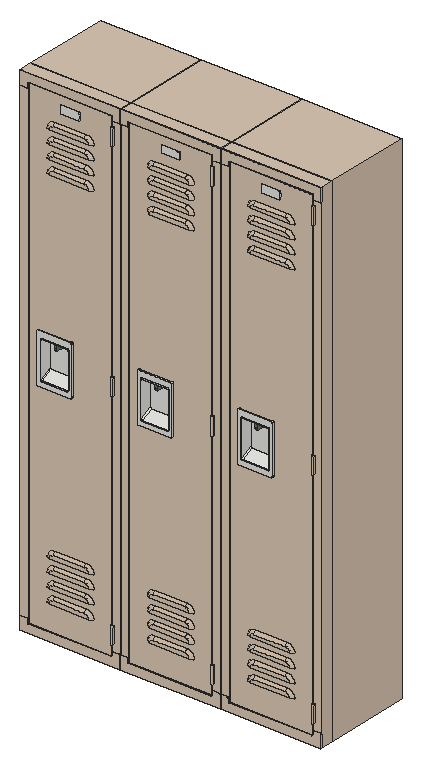
Revit family "Locker_SalsburyInd_Metal-1-Tier-Triple", category Specialty Equipment, Revit 2022
Family settings
  Round Connector Dimension = Use Diameter
  Part Type = Normal
  OmniClass Number = 23.40.00.00
  OmniClass Title = Equipment and Furnishings
  Work Plane-Based = No
  Always vertical = Yes
  Cut with Voids When Loaded = No
  Maintain Annotation Orientation = No
  Shared = No
  Room Calculation Point = No
Parameters
  Warranty Duration (Years) = 0
  Vertical Front Filler Width_Right [instance] = 15.000"
  Vertical Front Filler Width_Left [instance] = 15.000"
  Vertical Filler_Right [instance] = ML_Front Filler : None
  Vertical Filler_Left [instance] = ML_Front Filler : None
  Unit Width = 12.000"
  Unit Height = 60.000"
  Unit Depth = 12.000"
  URL = "www.lockers.com"
  Type Comments = "Specify Assembled or Disassembled"
  Specification = ""
  SpecWizard = ""
  Sales Information = "http://www.lockers.com/service/contact/"
  Revision = "R1_2017-09"
  Product Properties = "http://www.lockers.com/shop-by-department/metal-lockers/standard-12-w/"
  Product Data = "http://www.arcat.com/arcatcos/cos35/arc35330.html"
  Overall Height [instance] = Unit Height + Base Height + Sloping Hood Height  # 60.000"
  Manufacturer Website = "http://www.lockers.com/"
  Manufacturer Phone - Toll Free = "800-562-5377"
  Manufacturer Phone = "323-846-6700"
  Manufacturer Fax = "323-846-6800"
  Manufacturer Address = "1010 E. 62nd St.  Los Angeles, CA 90001-1598"
  Maintenance Schedule (Months) = 0
  Lock Type [instance] = "[Built-in Combination][Padlock][Built-in Resettable Combination]"
  Keynote = "10 50 00"
  Installation Phase = ""
  Hasp Plate Material [instance] = Finish - Salsbury - Polished Steel
  Hasp Handle Material [instance] = Finish - Salsbury - Black
  Green Building-LEED = ""
  Expected Lifespan (Years) = 0
  End Panel_Right [instance] = ML_End Panel : None
  End Panel_Left [instance] = ML_End Panel : None
  Drawn By = "Sumex Design, Inc. / Robert S. Weygant, CSI, CDT, SCIP"
  Door Width = Unit Width - (1.063" * 2)  # 9.874"
  Door Height = Unit Height - (1.094" * 2)  # 57.812"
  Top Filler_Right [instance] = ML_Top Filler : None
  Top Filler_Left [instance] = ML_Top Filler : None
  Sloping Hood Height [instance] = if(not(Sloped Hood), 0.000", if(Unit Depth = 12.000", 6.625", if(Unit Depth = 15.000", 8.682", if(Unit Depth = 18.000", 10.739", 0.000"))))  # 0.000"
  Sloped Hood [instance] = no
  Model = "as Specified"
  Manufacturer = "Salsbury Industries"
  Fixture Finish [instance] = Finish - Salsbury - Tan
  Door A3 Label [instance] = "Number / Name as Specified"
  Door A2 Label [instance] = "Number / Name as Specified"
  Door A Label [instance] = "Number / Name as Specified"
  Description = "Salsbury Locker as Specified"
  Default Elevation = 0.000"
  Copyright = "©Arcat Inc."
  Construction Details = "http://www.arcat.com/details/salsbury/salsbury.html?coid=35330"
  Base_Right [instance] = ML_Base Side : None
  Base_Left [instance] = ML_Base Side : None
  Base Type = ML_Base Type : No Legs
  Base Height = 0.000"
  Base Front [instance] = ML_Front Base : None
  Assembly Code = "C1030310"
Reference planes (in)
  plane 1 "Center (Front/Back)": y = 0.005
  plane 2: z = 0
  plane 3 "Center (Left/Right)": x = 0
  plane 4 "Floor": z = 0
  plane 5 "Bottom of Unit": z = 0
  plane 6 "Top of Unit": z = 60
  plane 7 "Left Side of Unit": x = -6
  plane 8 "Right Side of Unit": x = 6
  plane 9 "Back of Unit": y = 6.005
  plane 10 "Front of Unit": y = -5.995
  plane 11 "Top of Sloping Hood": z = 60
  plane 12 "Right Side of Door Opening": x = 5
  plane 13 "Left Side of Door Opening": x = -5
  plane 14 "Top of Door Opening": z = 59
  plane 15 "Bottom of Door Opening": z = 1
  plane 16 "Back Edge of Front Facing": y = -4.407
  plane 17 "Front Plate Plane": y = -6.055
  plane 18 "Top of Door 1": z = 58.90976
  plane 19 "Bottom of Bottom Door": z = 1.09027
  plane 20: x = -5.075
  plane 21: x = 5.075
  plane 22: z = 58.40796
  plane 23: z = 1.59204
  plane 24: x = -18
  plane 25: x = 18
  plane 26: x = -12
  plane 27: x = 12
  plane 28: x = -18.0625
  plane 29: x = 18.0625
Forms (in)
  Sweep 1, solid, material "Finish - Salsbury - Tan" <- "Fixture Finish"
    path origin (0, -5.995, 0) x (1, 0, 0) y (0, 0, 1)
      loop
        line (-6, 60) -> (-6, 0) -> (6, 0) -> (6, 60) -> (-6, 60)
    profile origin (0, -5.995, 60) x (0, 0, 1) y (0, -1, 0)
      loop
        line (0, 0) -> (-1, 0) -> (-1, -1.588) -> (0, -1.588) -> (0, 0)
  Extrusion 2, solid, material "Finish - Salsbury - Tan" <- "Fixture Finish"
    sketch origin (0, -6.055, 0) x (0, 0, -1) y (1, 0, 0)
      loop
        line (-60, -6) -> (-58.47656, -6)
        arc (-58.47656, -6) -> (-58.42806, -5.97991) -> (-58.40796, -5.9314) r 0.0686
        line (-58.40796, -5.9314) -> (-58.40796, -5.14351)
        arc (-58.40796, -5.14351) -> (-58.42809, -5.09506) -> (-58.47656, -5.075) r 0.0686
        line (-58.47656, -5.075) -> (-59, -5.075) -> (-59, 5.075) -> (-58.47656, 5.075)
        arc (-58.47656, 5.075) -> (-58.42809, 5.09506) -> (-58.40796, 5.14351) r 0.0686
        line (-58.40796, 5.14351) -> (-58.40796, 5.9314)
        arc (-58.40796, 5.9314) -> (-58.42806, 5.97991) -> (-58.47656, 6) r 0.0686
        line (-58.47656, 6) -> (-60, 6) -> (-60, -6)
    from -0.06 to 0
  Extrusion 3, solid, material "Finish - Salsbury - Tan" <- "Fixture Finish"
    sketch origin (0, -6.055, 84) x (0, 0, 1) y (-1, 0, 0)
      loop
        line (-84, 6) -> (-84, -6) -> (-82.47656, -6)
        arc (-82.47656, -6) -> (-82.42806, -5.97991) -> (-82.40796, -5.9314) r 0.0686
        line (-82.40796, -5.9314) -> (-82.40796, -5.14351)
        arc (-82.40796, -5.14351) -> (-82.42809, -5.09506) -> (-82.47656, -5.075) r 0.0686
        line (-82.47656, -5.075) -> (-83, -5.075) -> (-83, 5.075) -> (-82.47656, 5.075)
        arc (-82.47656, 5.075) -> (-82.42809, 5.09506) -> (-82.40796, 5.14351) r 0.0686
        line (-82.40796, 5.14351) -> (-82.40796, 5.9314)
        arc (-82.40796, 5.9314) -> (-82.42806, 5.97991) -> (-82.47656, 6) r 0.0686
        line (-82.47656, 6) -> (-84, 6)
    from -0.06 to 0
  Extrusion 4, solid, material "Finish - Salsbury - Tan" <- "Fixture Finish"
    sketch origin (6, 0, 0) x (0, 0, -1) y (0, -1, 0)
      loop
        line (-59.94, 4.407) -> (-59.94, 6.055) -> (-60, 6.055) -> (-60, -6.005) -> (0, -6.005) -> (0, 4.407) -> (-59.94, 4.407)
    from 0 to 12
  Extrusion 5, void
    sketch origin (6, 0, 0) x (0, 0, -1) y (0, -1, 0)
      loop
        line (-60, 6.055) -> (-60, 4.407) -> (-59.94, 4.407) -> (-59.94, 6.055) -> (-60, 6.055)
    from -12 to 24
  Sweep 6, solid, material "Finish - Salsbury - Tan" <- "Fixture Finish"
    path origin (-12, -5.995, 0) x (1, 0, 0) y (0, 0, 1)
      loop
        line (-6, 60) -> (-6, 0) -> (6, 0) -> (6, 60) -> (-6, 60)
    profile origin (-12, -5.995, 60) x (0, 0, 1) y (0, -1, 0)
      loop
        line (0, 0) -> (-1, 0) -> (-1, -1.588) -> (0, -1.588) -> (0, 0)
  Sweep 7, solid, material "Finish - Salsbury - Tan" <- "Fixture Finish"
    path origin (12, -5.995, 0) x (1, 0, 0) y (0, 0, 1)
      loop
        line (-6, 60) -> (-6, 0) -> (6, 0) -> (6, 60) -> (-6, 60)
    profile origin (12, -5.995, 60) x (0, 0, 1) y (0, -1, 0)
      loop
        line (0, 0) -> (-1, 0) -> (-1, -1.588) -> (0, -1.588) -> (0, 0)
  Extrusion 8, solid, material "Finish - Salsbury - Tan" <- "Fixture Finish"
    sketch origin (-12, -6.055, 0) x (0, 0, -1) y (1, 0, 0)
      loop
        line (-60, -6) -> (-58.47656, -6)
        arc (-58.47656, -6) -> (-58.42806, -5.97991) -> (-58.40796, -5.9314) r 0.0686
        line (-58.40796, -5.9314) -> (-58.40796, -5.14351)
        arc (-58.40796, -5.14351) -> (-58.42809, -5.09506) -> (-58.47656, -5.075) r 0.0686
        line (-58.47656, -5.075) -> (-59, -5.075) -> (-59, 5.075) -> (-58.47656, 5.075)
        arc (-58.47656, 5.075) -> (-58.42809, 5.09506) -> (-58.40796, 5.14351) r 0.0686
        line (-58.40796, 5.14351) -> (-58.40796, 5.9314)
        arc (-58.40796, 5.9314) -> (-58.42806, 5.97991) -> (-58.47656, 6) r 0.0686
        line (-58.47656, 6) -> (-60, 6) -> (-60, -6)
    from -0.06 to 0
  Extrusion 9, solid, material "Finish - Salsbury - Tan" <- "Fixture Finish"
    sketch origin (12, -6.055, 0) x (0, 0, -1) y (1, 0, 0)
      loop
        line (-60, -6) -> (-58.47656, -6)
        arc (-58.47656, -6) -> (-58.42806, -5.97991) -> (-58.40796, -5.9314) r 0.0686
        line (-58.40796, -5.9314) -> (-58.40796, -5.14351)
        arc (-58.40796, -5.14351) -> (-58.42809, -5.09506) -> (-58.47656, -5.075) r 0.0686
        line (-58.47656, -5.075) -> (-59, -5.075) -> (-59, 5.075) -> (-58.47656, 5.075)
        arc (-58.47656, 5.075) -> (-58.42809, 5.09506) -> (-58.40796, 5.14351) r 0.0686
        line (-58.40796, 5.14351) -> (-58.40796, 5.9314)
        arc (-58.40796, 5.9314) -> (-58.42806, 5.97991) -> (-58.47656, 6) r 0.0686
        line (-58.47656, 6) -> (-60, 6) -> (-60, -6)
    from -0.06 to 0
  Extrusion 10, solid, material "Finish - Salsbury - Tan" <- "Fixture Finish"
    sketch origin (6, 0, 0) x (0, 0, -1) y (0, -1, 0)
      loop
        line (-59.94, 4.407) -> (-59.94, 6.055) -> (-60, 6.055) -> (-60, -6.005) -> (0, -6.005) -> (0, 4.407) -> (-59.94, 4.407)
    from -12 to 0
  Extrusion 11, solid, material "Finish - Salsbury - Tan" <- "Fixture Finish"
    sketch origin (-6, 0, 0) x (0, 0, -1) y (0, 1, 0)
      loop
        line (-59.94, -4.407) -> (0, -4.407) -> (0, 6.005) -> (-60, 6.005) -> (-60, -6.055) -> (-59.94, -6.055) -> (-59.94, -4.407)
    from -12 to 0
  Extrusion 12, solid, material "Finish - Salsbury - Tan" <- "Fixture Finish"
    sketch origin (12, -6.055, 84) x (0, 0, 1) y (-1, 0, 0)
      loop
        line (-84, 6) -> (-84, -6) -> (-82.47656, -6)
        arc (-82.47656, -6) -> (-82.42806, -5.97991) -> (-82.40796, -5.9314) r 0.0686
        line (-82.40796, -5.9314) -> (-82.40796, -5.14351)
        arc (-82.40796, -5.14351) -> (-82.42809, -5.09506) -> (-82.47656, -5.075) r 0.0686
        line (-82.47656, -5.075) -> (-83, -5.075) -> (-83, 5.075) -> (-82.47656, 5.075)
        arc (-82.47656, 5.075) -> (-82.42809, 5.09506) -> (-82.40796, 5.14351) r 0.0686
        line (-82.40796, 5.14351) -> (-82.40796, 5.9314)
        arc (-82.40796, 5.9314) -> (-82.42806, 5.97991) -> (-82.47656, 6) r 0.0686
        line (-82.47656, 6) -> (-84, 6)
    from -0.06 to 0
  Extrusion 13, solid, material "Finish - Salsbury - Tan" <- "Fixture Finish"
    sketch origin (-12, -6.055, 84) x (0, 0, 1) y (-1, 0, 0)
      loop
        line (-84, -6) -> (-82.47656, -6)
        arc (-82.47656, -6) -> (-82.42806, -5.97991) -> (-82.40796, -5.9314) r 0.0686
        line (-82.40796, -5.9314) -> (-82.40796, -5.14351)
        arc (-82.40796, -5.14351) -> (-82.42809, -5.09506) -> (-82.47656, -5.075) r 0.0686
        line (-82.47656, -5.075) -> (-83, -5.075) -> (-83, 5.075) -> (-82.47656, 5.075)
        arc (-82.47656, 5.075) -> (-82.42809, 5.09506) -> (-82.40796, 5.14351) r 0.0686
        line (-82.40796, 5.14351) -> (-82.40796, 5.9314)
        arc (-82.40796, 5.9314) -> (-82.42806, 5.97991) -> (-82.47656, 6) r 0.0686
        line (-82.47656, 6) -> (-84, 6) -> (-84, -6)
    from -0.06 to 0
Cuts and joins
  Extrusion 5 cuts Extrusion 4
  Extrusion 5 cuts Extrusion 10
  Extrusion 5 cuts Extrusion 11
Dimensions and locks (in)
  equal spacing: plane 7 "Left Side of Unit", plane 3 "Center (Left/Right)", plane 8 "Right Side of Unit"
  "Unit Width": plane 7 "Left Side of Unit" to plane 8 "Right Side of Unit"
  "Base Height": plane 5 "Bottom of Unit" to plane 4 "Floor"
  "Unit Height": plane 6 "Top of Unit" to plane 5 "Bottom of Unit"
  equal spacing: plane 10 "Front of Unit", plane 1 "Center (Front/Back)", plane 9 "Back of Unit"
  "Unit Depth": plane 10 "Front of Unit" to plane 9 "Back of Unit"
  "Sloping Hood Height": plane 11 "Top of Sloping Hood" to plane 6 "Top of Unit"
  plane 6 "Top of Unit" to plane 14 "Top of Door Opening" to plane 18 "Top of Door 1" to plane 22 = 1.000" locked, 0.09024" locked, 0.5018" locked
  plane 23 to plane 19 "Bottom of Bottom Door" to plane 15 "Bottom of Door Opening" to plane 5 "Bottom of Unit" = 0.50177" locked, 0.09027" locked, 1.000" locked
  locked: plane 7 "Left Side of Unit" to plane 13 "Left Side of Door Opening" at 1
  locked: plane 12 "Right Side of Door Opening" to plane 8 "Right Side of Unit" at 1
  plane 17 "Front Plate Plane" to plane 10 "Front of Unit" to plane 16 "Back Edge of Front Facing" = 0.060" locked, 1.588" locked
  locked: plane 7 "Left Side of Unit" to plane 20 at 0.925
  locked: plane 21 to plane 8 "Right Side of Unit" at 0.925
  locked: Extrusion 4 sketch curve to plane 6 "Top of Unit" at 0.06
  locked: Extrusion 5 sketch curve to plane 6 "Top of Unit" at 0.06
  equal spacing: plane 24, plane 26, plane 7 "Left Side of Unit"
  equal spacing: plane 8 "Right Side of Unit", plane 27, plane 25
  "Unit Width": plane 24 to plane 7 "Left Side of Unit"
  "Unit Width": plane 8 "Right Side of Unit" to plane 25
  locked: plane 29 to plane 25 at 0.0625
  locked: plane 24 to plane 28 at 0.0625
  locked: plane 5 "Bottom of Unit" to Sweep 7 sketch curve at 0
  locked: plane 8 "Right Side of Unit" to Extrusion 9 sketch curve at 0.925
  locked: plane 25 to Extrusion 9 sketch curve at 0.925
  locked: Extrusion 8 sketch curve to plane 24 at 0.925
  locked: Extrusion 8 sketch curve to plane 7 "Left Side of Unit" at 0.925
  locked: Extrusion 10 sketch curve to plane 6 "Top of Unit" at 0.06
  locked: Extrusion 11 sketch curve to plane 6 "Top of Unit" at 0.06
  locked: Extrusion 13 sketch curve to plane 7 "Left Side of Unit" at 0.925
  locked: Extrusion 13 sketch curve to plane 24 at 0.925
  locked: plane 8 "Right Side of Unit" to Extrusion 12 sketch curve at 0.925
  locked: plane 25 to Extrusion 12 sketch curve at 0.925
  aligned and locked: level to plane 2
  aligned and locked: Extrusion 2 to plane 10 "Front of Unit"
  aligned and locked: Extrusion 3 to plane 10 "Front of Unit"
  aligned and locked: plane 4 "Floor" to nested 1
  aligned and locked: plane 5 "Bottom of Unit" to Extrusion 3
  aligned and locked: plane 10 "Front of Unit" to nested 2
  aligned and locked: nested 5 to plane 10 "Front of Unit"
  aligned and locked: plane 10 "Front of Unit" to nested 6
  aligned and locked: plane 10 "Front of Unit" to nested 4
  aligned and locked: plane 19 "Bottom of Bottom Door" to nested 8
  aligned and locked: plane 10 "Front of Unit" to nested 8
  aligned and locked: plane 10 "Front of Unit" to nested 1
  aligned and locked: plane 6 "Top of Unit" to Sweep 1 sketch curve  (x2)
  aligned and locked: Sweep 1 sketch curve to plane 7 "Left Side of Unit"
  aligned and locked: plane 8 "Right Side of Unit" to Sweep 1 sketch curve
  aligned and locked: Sweep 1 sketch curve to plane 5 "Bottom of Unit"
  aligned and locked: plane 10 "Front of Unit" to Sweep 1
  aligned and locked: Extrusion 2 to plane 17 "Front Plate Plane"
  aligned and locked: plane 10 "Front of Unit" to Extrusion 2
  aligned and locked: Extrusion 2 to plane 8 "Right Side of Unit"
  aligned and locked: plane 7 "Left Side of Unit" to Extrusion 2
  aligned and locked: plane 7 "Left Side of Unit" to Extrusion 3
  aligned and locked: plane 17 "Front Plate Plane" to Extrusion 3
  aligned and locked: Extrusion 3 to plane 8 "Right Side of Unit"
  aligned and locked: plane 20 to Extrusion 3
  aligned and locked: plane 21 to Extrusion 3
  aligned and locked: plane 21 to Extrusion 2
  aligned and locked: Extrusion 2 to plane 20
  aligned and locked: plane 16 "Back Edge of Front Facing" to Sweep 1 sketch curve
  aligned and locked: Sweep 1 sketch curve to plane 14 "Top of Door Opening"
  aligned and locked: Sweep 1 sketch curve to plane 10 "Front of Unit"
  aligned and locked: plane 22 to Extrusion 2  (x2)
  aligned and locked: Extrusion 2 to plane 6 "Top of Unit"
  aligned and locked: plane 14 "Top of Door Opening" to Extrusion 2
  aligned and locked: Extrusion 3 to plane 15 "Bottom of Door Opening"
  aligned and locked: plane 23 to Extrusion 3
  aligned and locked: Extrusion 3 to plane 23
  aligned and locked: plane 10 "Front of Unit" to nested 7
  aligned and locked: plane 11 "Top of Sloping Hood" to Extrusion 4 sketch curve
  aligned and locked: Extrusion 4 to plane 8 "Right Side of Unit"
  aligned and locked: plane 7 "Left Side of Unit" to Extrusion 4
  aligned and locked: plane 17 "Front Plate Plane" to Extrusion 4 sketch curve
  aligned and locked: Extrusion 5 sketch curve to plane 16 "Back Edge of Front Facing"
  aligned and locked: Extrusion 5 sketch curve to plane 6 "Top of Unit"
  aligned and locked: plane 17 "Front Plate Plane" to Extrusion 5 sketch curve
  aligned and locked: plane 5 "Bottom of Unit" to nested 4
  aligned and locked: nested 5 to plane 5 "Bottom of Unit"
  aligned and locked: plane 1 "Center (Front/Back)" to nested 3
  aligned and locked: nested 9 to plane 1 "Center (Front/Back)"
  aligned and locked: plane 3 "Center (Left/Right)" to nested 2
  aligned and locked: plane 3 "Center (Left/Right)" to nested 1
  aligned and locked: plane 1 "Center (Front/Back)" to nested 10
  aligned and locked: nested 11 to plane 1 "Center (Front/Back)"
  aligned and locked: plane 3 "Center (Left/Right)" to nested 8
  aligned and locked: nested 6 to plane 25
  aligned and locked: plane 24 to nested 7
  aligned and locked: plane 27 to nested 13
  aligned and locked: plane 26 to nested 12
  aligned and locked: plane 10 "Front of Unit" to nested 12
  aligned and locked: plane 10 "Front of Unit" to nested 13
  aligned and locked: nested 10 to plane 29
  aligned and locked: nested 11 to plane 28
  aligned and locked: nested 4 to plane 25
  aligned and locked: nested 5 to plane 24
  aligned and locked: nested 3 to plane 25
  aligned and locked: nested 9 to plane 24
  aligned and locked: plane 26 to nested 14
  aligned and locked: plane 27 to nested 15
  aligned and locked: plane 10 "Front of Unit" to nested 14
  aligned and locked: plane 10 "Front of Unit" to nested 15
  aligned and locked: plane 27 to nested 17
  aligned and locked: plane 26 to nested 16
  aligned and locked: plane 10 "Front of Unit" to nested 16
  aligned and locked: plane 10 "Front of Unit" to nested 17
  aligned and locked: Sweep 7 sketch curve to plane 8 "Right Side of Unit"
  aligned and locked: plane 6 "Top of Unit" to Sweep 7 sketch curve
  aligned and locked: Sweep 7 sketch curve to plane 25
  aligned and locked: Sweep 6 sketch curve to plane 5 "Bottom of Unit"
  aligned and locked: plane 7 "Left Side of Unit" to Sweep 6 sketch curve
  aligned and locked: plane 24 to Sweep 6 sketch curve
  aligned and locked: plane 6 "Top of Unit" to Sweep 6 sketch curve
  aligned and locked: plane 5 "Bottom of Unit" to Extrusion 4 sketch curve
  aligned and locked: plane 8 "Right Side of Unit" to Extrusion 9 sketch curve
  aligned and locked: Extrusion 9 sketch curve to plane 25
  aligned and locked: plane 7 "Left Side of Unit" to Extrusion 8 sketch curve
  aligned and locked: Extrusion 8 sketch curve to plane 24
  aligned and locked: plane 25 to Extrusion 10
  aligned and locked: plane 8 "Right Side of Unit" to Extrusion 10
  aligned and locked: Extrusion 11 to plane 24
  aligned and locked: Extrusion 11 to plane 7 "Left Side of Unit"
  aligned and locked: plane 6 "Top of Unit" to Extrusion 4 sketch curve
  aligned and locked: plane 6 "Top of Unit" to Extrusion 9 sketch curve
  aligned and locked: plane 6 "Top of Unit" to Extrusion 8 sketch curve
  aligned and locked: plane 6 "Top of Unit" to Extrusion 10 sketch curve
  aligned and locked: Extrusion 10 sketch curve to plane 17 "Front Plate Plane"
  aligned and locked: plane 16 "Back Edge of Front Facing" to Extrusion 10 sketch curve
  aligned and locked: Extrusion 10 sketch curve to plane 9 "Back of Unit"
  aligned and locked: plane 11 "Top of Sloping Hood" to Extrusion 10 sketch curve
  aligned and locked: plane 5 "Bottom of Unit" to Extrusion 10 sketch curve
  aligned and locked: plane 25 to Extrusion 5
  aligned and locked: Extrusion 5 to plane 24
  aligned and locked: plane 6 "Top of Unit" to Extrusion 11 sketch curve
  aligned and locked: Extrusion 11 sketch curve to plane 17 "Front Plate Plane"
  aligned and locked: plane 16 "Back Edge of Front Facing" to Extrusion 11 sketch curve
  aligned and locked: Extrusion 11 sketch curve to plane 9 "Back of Unit"
  aligned and locked: plane 5 "Bottom of Unit" to Extrusion 11 sketch curve
  aligned and locked: plane 11 "Top of Sloping Hood" to Extrusion 11 sketch curve
  aligned and locked: Extrusion 13 sketch curve to plane 5 "Bottom of Unit"
  aligned and locked: plane 24 to Extrusion 13 sketch curve
  aligned and locked: Extrusion 13 sketch curve to plane 7 "Left Side of Unit"
  aligned and locked: Extrusion 12 sketch curve to plane 8 "Right Side of Unit"
  aligned and locked: plane 5 "Bottom of Unit" to Extrusion 12 sketch curve
  aligned and locked: plane 25 to Extrusion 12 sketch curve
Automatic sketch dimensions
  Extrusion 2 sketch curve to plane 6 "Top of Unit" = 0.000"
  Extrusion 2 sketch curve to plane 14 "Top of Door Opening" = 0.000"
  plane 20 to Extrusion 2 sketch curve = 0.000"
  plane 7 "Left Side of Unit" to Extrusion 2 sketch curve = 0.000"
  plane 21 to Extrusion 2 sketch curve = 0.000"
  plane 8 "Right Side of Unit" to Extrusion 2 sketch curve = 0.000"
  Extrusion 2 sketch curve to plane 22 = 0.000"  (x2)
  Extrusion 2 sketch curve to plane 22 = 0.0686"  (x4)
  Extrusion 2 sketch curve to Extrusion 2 sketch curve = 0.0686"
  Extrusion 2 sketch curve to plane 21 = 0.06851"
  Extrusion 3 sketch curve to plane 5 "Bottom of Unit" = 0.000"
  Extrusion 3 sketch curve to plane 15 "Bottom of Door Opening" = 0.000"
  plane 20 to Extrusion 3 sketch curve = 0.000"
  plane 7 "Left Side of Unit" to Extrusion 3 sketch curve = 0.000"
  plane 21 to Extrusion 3 sketch curve = 0.000"
  plane 8 "Right Side of Unit" to Extrusion 3 sketch curve = 0.000"
  Extrusion 3 sketch curve to plane 23 = 0.000"  (x2)
  Extrusion 3 sketch curve to plane 23 = 0.0686"  (x4)
  Extrusion 3 sketch curve to Extrusion 3 sketch curve = 0.0686"
  plane 21 to Extrusion 3 sketch curve = 0.06851"
  Extrusion 4 sketch curve to plane 9 "Back of Unit" = 0.000"
  Extrusion 4 sketch curve to plane 16 "Back Edge of Front Facing" = 0.000"
  Sweep 6 sketch curve to plane 10 "Front of Unit" = 0.000"
  profile plane to Sweep 6 sketch curve = 0.000"
  profile plane to Sweep 6 sketch curve = 1.000"
  Sweep 6 sketch curve to plane 10 "Front of Unit" = 1.588"
  Sweep 7 sketch curve to plane 10 "Front of Unit" = 0.000"
  profile plane to Sweep 7 sketch curve = 0.000"
  profile plane to Sweep 7 sketch curve = 1.000"
  Sweep 7 sketch curve to plane 10 "Front of Unit" = 1.588"
  Extrusion 8 sketch curve to plane 14 "Top of Door Opening" = 0.000"
  Extrusion 8 sketch curve to plane 22 = 0.000"  (x2)
  Extrusion 8 sketch curve to plane 22 = 0.0686"  (x4)
  Extrusion 8 sketch curve to Extrusion 8 sketch curve = 0.0686"
  Extrusion 8 sketch curve to Extrusion 8 sketch curve = 0.06851"
  Extrusion 9 sketch curve to plane 14 "Top of Door Opening" = 0.000"
  Extrusion 9 sketch curve to plane 22 = 0.000"  (x2)
  Extrusion 9 sketch curve to plane 22 = 0.0686"  (x4)
  Extrusion 9 sketch curve to Extrusion 9 sketch curve = 0.0686"
  Extrusion 9 sketch curve to Extrusion 9 sketch curve = 0.06851"
  Extrusion 12 sketch curve to plane 15 "Bottom of Door Opening" = 0.000"
  Extrusion 12 sketch curve to plane 23 = 0.000"  (x2)
  Extrusion 12 sketch curve to plane 23 = 0.0686"  (x4)
  Extrusion 12 sketch curve to Extrusion 12 sketch curve = 0.00009"
  Extrusion 12 sketch curve to Extrusion 12 sketch curve = 0.06851"
  Extrusion 13 sketch curve to plane 15 "Bottom of Door Opening" = 0.000"
  Extrusion 13 sketch curve to plane 23 = 0.000"  (x2)
  plane 23 to Extrusion 13 sketch curve = 0.0686"  (x4)
  Extrusion 13 sketch curve to Extrusion 13 sketch curve = 0.00009"
  Extrusion 13 sketch curve to Extrusion 13 sketch curve = 0.06851"
Nested families (in)
  nested 1: "ML_Front Base" at (0, 0.01, 0), type <- "Base Front", Finish <- "Fixture Finish", Locker Width <- "Unit Width", type "None"
    with Width 10.000", Locker Width 12.000", Finish Finish - Salsbury - Tan
  nested 2: "ML_Base Type" at (0, 0.005, 0), type <- "Base Type", Finish <- "Fixture Finish", Depth <- "Unit Depth", Width <- "Unit Width", type "No Legs"
    with Width 12.000", Finish Finish - Salsbury - Tan, Depth 12.000"
  nested 3: "ML_Base Side" at (12.01, 0.005, 0), type <- "Base_Right", Locker Depth <- "Unit Depth", Finish <- "Fixture Finish", type "None"
    with Locker Depth 12.000", Finish Finish - Salsbury - Tan
  nested 4: "ML_End Panel" at (22.1325, 2.172, 0), type <- "End Panel_Right", Height <- "Unit Height", Depth <- "Unit Depth", Finish <- "Fixture Finish", type "None"
    with controldepth 12.000", Height 60.000", Finish Finish - Salsbury - Tan, Depth 12.000", Base Height 0.000"
  nested 5: "ML_End Panel" at (-22.1325, 2.172, 0) x (-1, 0, 0) z (0, 0, 1), type <- "End Panel_Left", Height <- "Unit Height", Depth <- "Unit Depth", Finish <- "Fixture Finish", type "None"
    with controldepth 12.000", Height 60.000", Finish Finish - Salsbury - Tan, Depth 12.000", Base Height 0.000"
  nested 6: "ML_Front Filler" at (30.095, -3.078, 0), type <- "Vertical Filler_Right", Base Height <- "Base Height", Height <- "Unit Height", Width <- "Vertical Front Filler Width_Right", Finish <- "Fixture Finish", type "None"
    with Width 15.000", Height 60.000", Finish Finish - Salsbury - Tan, Base Height 0.000"
  nested 7: "ML_Front Filler" at (-20.905, -3.078, 0), type <- "Vertical Filler_Left", Base Height <- "Base Height", Height <- "Unit Height", Width <- "Vertical Front Filler Width_Left", Finish <- "Fixture Finish", type "None"
    with Width 15.000", Height 60.000", Finish Finish - Salsbury - Tan, Base Height 0.000"
  nested 8: "Metal Locker Doors_SingleTier" at (0, -5.545, 1.09027), Hasp Handle Material <- "Hasp Handle Material", Hasp Plate Rivet Material <- "Hasp Plate Material", Primary Structure Material <- "Fixture Finish", Width <- "Door Width", type "as Specified"
    with Width 9.874", Primary Structure Material Finish - Salsbury - Tan, Louver Width 5.55412", Hasp Plate Rivet Material Finish - Salsbury - Polished Steel, Hasp Handle Material Finish - Salsbury - Black
  nested 9: "ML_Base Side" at (-12.01, 0.005, 0) x (-1, 0, 0) z (0, 0, 1), type <- "Base_Left", Locker Depth <- "Unit Depth", Finish <- "Fixture Finish", type "None"
    with Locker Depth 12.000", Finish Finish - Salsbury - Tan
  nested 10: "ML_Top Filler" at (22.6575, 2.172, 60), Finish <- "Fixture Finish", type <- "Top Filler_Right", Width <- "Vertical Front Filler Width_Right", Depth <- "Unit Depth", type "None"
    with Width 15.000", Sloped Height 6.625", Finish Finish - Salsbury - Tan, Depth 12.000", Corner Width 12.625"
  nested 11: "ML_Top Filler" at (-22.6575, 2.172, 60) x (-1, 0, 0) z (0, 0, 1), Finish <- "Fixture Finish", type <- "Top Filler_Left", Width <- "Vertical Front Filler Width_Left", Depth <- "Unit Depth", type "None"
    with Width 15.000", Sloped Height 6.625", Finish Finish - Salsbury - Tan, Depth 12.000", Corner Width 12.625"
  nested 12: "Metal Locker Doors_SingleTier" at (-12, -5.545, 1.09027), Hasp Handle Material <- "Hasp Handle Material", Hasp Plate Rivet Material <- "Hasp Plate Material", Primary Structure Material <- "Fixture Finish", Width <- "Door Width", type "as Specified"
    with Width 9.874", Primary Structure Material Finish - Salsbury - Tan, Louver Width 5.55412", Hasp Plate Rivet Material Finish - Salsbury - Polished Steel, Hasp Handle Material Finish - Salsbury - Black
  nested 13: "Metal Locker Doors_SingleTier" at (12, -5.545, 1.09027), Hasp Handle Material <- "Hasp Handle Material", Hasp Plate Rivet Material <- "Hasp Plate Material", Primary Structure Material <- "Fixture Finish", Width <- "Door Width", type "as Specified"
    with Width 9.874", Primary Structure Material Finish - Salsbury - Tan, Louver Width 5.55412", Hasp Plate Rivet Material Finish - Salsbury - Polished Steel, Hasp Handle Material Finish - Salsbury - Black
  nested 14: "ML_Front Base" at (-12, 0.01, 0), type <- "Base Front", Finish <- "Fixture Finish", Locker Width <- "Unit Width", type "None"
    with Width 10.000", Locker Width 12.000", Finish Finish - Salsbury - Tan
  nested 15: "ML_Front Base" at (12, 0.01, 0), type <- "Base Front", Finish <- "Fixture Finish", Locker Width <- "Unit Width", type "None"
    with Width 10.000", Locker Width 12.000", Finish Finish - Salsbury - Tan
  nested 16: "ML_Base Type" at (-12, 0.005, 0), type <- "Base Type", Finish <- "Fixture Finish", Depth <- "Unit Depth", Width <- "Unit Width", type "No Legs"
    with Width 12.000", Finish Finish - Salsbury - Tan, Depth 12.000"
  nested 17: "ML_Base Type" at (12, 0.005, 0), type <- "Base Type", Finish <- "Fixture Finish", Depth <- "Unit Depth", Width <- "Unit Width", type "No Legs"
    with Width 12.000", Finish Finish - Salsbury - Tan, Depth 12.000"
Definition of nested family "Metal Locker Doors_SingleTier"
  Parameters (values of type "as Specified")
    Width [instance] = 9.938"
    Visible Top Louvers 3 and 4 = yes
    Visible Top Louver 2 = yes
    Visible Hinge 3 = yes
    Visible Bottom Louvers 1 and 2 = yes
    Visible Bottom Louver 3 = yes
    Top Louver Set Vertical Alignment = 3.063"
    Primary Structure Material [instance] = none
    Number Plate Alignment = 0.9375"
    Louver Width [instance] = Width * 9 / 16  # 5.59013"
    Hinge 3 Placement = 54.500"
    Hinge 2 Placement = 27.875"
    Hinge 1 Placement = 1.125"
    Height = 57.812"
    Hasp Plate Rivet Material [instance] = none
    Hasp Height = 5.960"
    Hasp Handle Material [instance] = none
    Depth = 0.900"
    Default Elevation = 48.000"
    Bottom Louver Set Vertical Alignment = 3.063"
  Reference planes (in)
    plane 1 "Center (Front/Back)": y = 0
    plane 2 "Bottom of Door": z = 0
    plane 3 "Center (Left/Right)": x = 0
    plane 4 "Center (Top/Bottom)": z = 28.906
    plane 5 "Top of Door": z = 57.812
    plane 6 "Right Side of Door": x = 4.969
    plane 7 "Left Side of Door": x = -4.969
    plane 8 "Front of Door": y = -0.45
    plane 9 "Back of Door": y = 0.45
    plane 10 "Top of Number Plate": z = 56.8745
    plane 11 "Top of Top Vent 1": z = 54.749
    plane 12 "Top of Top Vent 2": z = 53.124
    plane 13 "Top of Top Vent 3": z = 51.499
    plane 14 "Top of Top Vent 4": z = 49.874
    plane 15 "Bottom of Bottom Vent 1": z = 7.938
    plane 16 "Bottom of Bottom Vent 2": z = 6.313
    plane 17 "Bottom of Bottom Vent 3": z = 4.688
    plane 18 "Bottom of Bottom Vent 4": z = 3.063
    plane 19 "Top of Hasp Alignment": z = 31.886
    plane 20 "Left Side of Hasp Alignment": x = -3.844
    plane 21 "Bottom of Hasp Alignment": z = 25.926
    plane 22 "Right Side of Hasp Alignment": x = 0.256
    plane 23 "Left Side of Louvers": x = -2.79506
    plane 24 "Right Side of Louvers": x = 2.79506
    plane 25 "Front of Louvers": y = -0.6375
    plane 26: x = -1.094
    plane 27: x = 1.094
    plane 28: z = 55.8745
    plane 29 "Center Hasp": x = -1.794
    plane 30 "Top of Hinge 3": z = 3.312
    plane 31 "Top of Hinge 2": z = 29.937
    plane 32 "Top of Hinge 1": z = 56.687
  Forms (in)
    Extrusion 1, solid, material <- "Primary Structure Material"
      sketch origin (0, 0, 0) x (1, 0, 0) y (0, 0, 1)
        loop
          line (-4.969, 57.812) -> (-4.969, 0) -> (4.969, 0) -> (4.969, 57.812) -> (-4.969, 57.812)
      from -0.45 to 0.45
    Blend 2, solid, material <- "Primary Structure Material"
      base sketch origin (0, -0.45, 0) x (1, 0, 0) y (0, 0, 1)
        loop
          line (-2.79506, 53.84744) -> (2.79506, 53.84744)
          arc (2.79506, 53.84744) -> (2.531, 54.48494) -> (1.8935, 54.749) r 0.90156
          line (1.8935, 54.749) -> (-1.8935, 54.749)
          arc (-1.8935, 54.749) -> (-2.531, 54.48494) -> (-2.79506, 53.84744) r 0.90156
      top sketch origin (0, -0.6375, 0) x (1, 0, 0) y (0, 0, 1)
        loop
          line (-2.36248, 53.84744) -> (2.36248, 53.84744)
          arc (2.36248, 53.84744) -> (2.22656, 54.17558) -> (1.89842, 54.3115) r 0.46406
          line (1.89842, 54.3115) -> (-1.89842, 54.3115)
          arc (-1.89842, 54.3115) -> (-2.22656, 54.17558) -> (-2.36248, 53.84744) r 0.46406
      from 0 to 0
    Blend 3, solid, material <- "Primary Structure Material", visible <- "Visible Top Louver 2"
      base sketch origin (0, -0.45, -1.625) x (1, 0, 0) y (0, 0, 1)
        loop
          line (-2.79506, 53.84744) -> (2.79506, 53.84744)
          arc (2.79506, 53.84744) -> (2.531, 54.48494) -> (1.8935, 54.749) r 0.90156
          line (1.8935, 54.749) -> (-1.8935, 54.749)
          arc (-1.8935, 54.749) -> (-2.531, 54.48494) -> (-2.79506, 53.84744) r 0.90156
      top sketch origin (0, -0.6375, -1.625) x (1, 0, 0) y (0, 0, 1)
        loop
          line (-2.36248, 53.84744) -> (2.36248, 53.84744)
          arc (2.36248, 53.84744) -> (2.22656, 54.17558) -> (1.89842, 54.3115) r 0.46406
          line (1.89842, 54.3115) -> (-1.89842, 54.3115)
          arc (-1.89842, 54.3115) -> (-2.22656, 54.17558) -> (-2.36248, 53.84744) r 0.46406
      from 0 to 0
    Blend 4, solid, material <- "Primary Structure Material", visible <- "Visible Top Louvers 3 and 4"
      base sketch origin (0, -0.45, -3.25) x (1, 0, 0) y (0, 0, 1)
        loop
          line (-2.79506, 53.84744) -> (2.79506, 53.84744)
          arc (2.79506, 53.84744) -> (2.531, 54.48494) -> (1.8935, 54.749) r 0.90156
          line (1.8935, 54.749) -> (-1.8935, 54.749)
          arc (-1.8935, 54.749) -> (-2.531, 54.48494) -> (-2.79506, 53.84744) r 0.90156
      top sketch origin (0, -0.6375, -3.25) x (1, 0, 0) y (0, 0, 1)
        loop
          line (-2.36248, 53.84744) -> (2.36248, 53.84744)
          arc (2.36248, 53.84744) -> (2.22656, 54.17558) -> (1.89842, 54.3115) r 0.46406
          line (1.89842, 54.3115) -> (-1.89842, 54.3115)
          arc (-1.89842, 54.3115) -> (-2.22656, 54.17558) -> (-2.36248, 53.84744) r 0.46406
      from 0 to 0
    Blend 5, solid, material <- "Primary Structure Material", visible <- "Visible Top Louvers 3 and 4"
      base sketch origin (0, -0.45, -4.875) x (1, 0, 0) y (0, 0, 1)
        loop
          line (-2.79506, 53.84744) -> (2.79506, 53.84744)
          arc (2.79506, 53.84744) -> (2.531, 54.48494) -> (1.8935, 54.749) r 0.90156
          line (1.8935, 54.749) -> (-1.8935, 54.749)
          arc (-1.8935, 54.749) -> (-2.531, 54.48494) -> (-2.79506, 53.84744) r 0.90156
      top sketch origin (0, -0.6375, -4.875) x (1, 0, 0) y (0, 0, 1)
        loop
          line (-2.36248, 53.84744) -> (2.36248, 53.84744)
          arc (2.36248, 53.84744) -> (2.22656, 54.17558) -> (1.89842, 54.3115) r 0.46406
          line (1.89842, 54.3115) -> (-1.89842, 54.3115)
          arc (-1.89842, 54.3115) -> (-2.22656, 54.17558) -> (-2.36248, 53.84744) r 0.46406
      from 0 to 0
    Blend 6, solid, material <- "Primary Structure Material", visible <- "Visible Bottom Louvers 1 and 2"
      base sketch origin (0, -0.45, -57.818) x (1, 0, 0) y (0, 0, 1)
        loop
          line (-2.79506, 65.756) -> (2.79506, 65.756)
          arc (2.79506, 65.756) -> (2.531, 66.3935) -> (1.8935, 66.65756) r 0.90156
          line (1.8935, 66.65756) -> (-1.8935, 66.65756)
          arc (-1.8935, 66.65756) -> (-2.531, 66.3935) -> (-2.79506, 65.756) r 0.90156
      top sketch origin (0, -0.6375, -57.818) x (1, 0, 0) y (0, 0, 1)
        loop
          line (-2.36248, 65.756) -> (2.36248, 65.756)
          arc (2.36248, 65.756) -> (2.22656, 66.08414) -> (1.89842, 66.22006) r 0.46406
          line (1.89842, 66.22006) -> (-1.89842, 66.22006)
          arc (-1.89842, 66.22006) -> (-2.22656, 66.08414) -> (-2.36248, 65.756) r 0.46406
      from 0 to 0
    Blend 7, solid, material <- "Primary Structure Material", visible <- "Visible Bottom Louvers 1 and 2"
      base sketch origin (0, -0.45, -59.443) x (1, 0, 0) y (0, 0, 1)
        loop
          line (-2.79506, 65.756) -> (2.79506, 65.756)
          arc (2.79506, 65.756) -> (2.531, 66.3935) -> (1.8935, 66.65756) r 0.90156
          line (1.8935, 66.65756) -> (-1.8935, 66.65756)
          arc (-1.8935, 66.65756) -> (-2.531, 66.3935) -> (-2.79506, 65.756) r 0.90156
      top sketch origin (0, -0.6375, -59.443) x (1, 0, 0) y (0, 0, 1)
        loop
          line (-2.36248, 65.756) -> (2.36248, 65.756)
          arc (2.36248, 65.756) -> (2.22656, 66.08414) -> (1.89842, 66.22006) r 0.46406
          line (1.89842, 66.22006) -> (-1.89842, 66.22006)
          arc (-1.89842, 66.22006) -> (-2.22656, 66.08414) -> (-2.36248, 65.756) r 0.46406
      from 0 to 0
    Blend 8, solid, material <- "Primary Structure Material", visible <- "Visible Bottom Louver 3"
      base sketch origin (0, -0.45, -61.068) x (1, 0, 0) y (0, 0, 1)
        loop
          line (-2.79506, 65.756) -> (2.79506, 65.756)
          arc (2.79506, 65.756) -> (2.531, 66.3935) -> (1.8935, 66.65756) r 0.90156
          line (1.8935, 66.65756) -> (-1.8935, 66.65756)
          arc (-1.8935, 66.65756) -> (-2.531, 66.3935) -> (-2.79506, 65.756) r 0.90156
      top sketch origin (0, -0.6375, -61.068) x (1, 0, 0) y (0, 0, 1)
        loop
          line (-2.36248, 65.756) -> (2.36248, 65.756)
          arc (2.36248, 65.756) -> (2.22656, 66.08414) -> (1.89842, 66.22006) r 0.46406
          line (1.89842, 66.22006) -> (-1.89842, 66.22006)
          arc (-1.89842, 66.22006) -> (-2.22656, 66.08414) -> (-2.36248, 65.756) r 0.46406
      from 0 to 0
    Blend 9, solid, material <- "Primary Structure Material"
      base sketch origin (0, -0.45, -62.693) x (1, 0, 0) y (0, 0, 1)
        loop
          line (-2.79506, 65.756) -> (2.79506, 65.756)
          arc (2.79506, 65.756) -> (2.531, 66.3935) -> (1.8935, 66.65756) r 0.90156
          line (1.8935, 66.65756) -> (-1.8935, 66.65756)
          arc (-1.8935, 66.65756) -> (-2.531, 66.3935) -> (-2.79506, 65.756) r 0.90156
      top sketch origin (0, -0.6375, -62.693) x (1, 0, 0) y (0, 0, 1)
        loop
          line (-2.36248, 65.756) -> (2.36248, 65.756)
          arc (2.36248, 65.756) -> (2.22656, 66.08414) -> (1.89842, 66.22006) r 0.46406
          line (1.89842, 66.22006) -> (-1.89842, 66.22006)
          arc (-1.89842, 66.22006) -> (-2.22656, 66.08414) -> (-2.36248, 65.756) r 0.46406
      from 0 to 0
    Extrusion 10, solid, material <- "Hasp Plate Rivet Material"
      sketch origin (0, -0.45, 0) x (1, 0, 0) y (0, 0, 1)
        loop
          arc (-1.06847, 56.83895) -> (-1.09512, 56.37621) -> (-1.06847, 55.91347) r 4.03112
          arc (-1.06847, 55.91347) -> (0, 55.87472) -> (1.06847, 55.91347) r 14.75
          arc (1.06847, 55.91347) -> (1.09512, 56.37621) -> (1.06847, 56.83895) r 4.03112
          arc (1.06847, 56.83895) -> (0, 56.87767) -> (-1.06847, 56.83895) r 14.7612
      from 0 to 0.03497
    Extrusion 11, solid, material <- "Hasp Plate Rivet Material"
      sketch origin (0, -0.45, 0) x (1, 0, 0) y (0, 0, 1)
        loop
          arc (-3.74618, 31.886) -> (-3.81535, 31.85735) -> (-3.844, 31.78818) r 0.09782
          line (-3.844, 31.78818) -> (-3.844, 26.02301)
          arc (-3.844, 26.02301) -> (-3.81559, 25.95441) -> (-3.74699, 25.926) r 0.09701
          line (-3.74699, 25.926) -> (0.1498, 25.926)
          arc (0.1498, 25.926) -> (0.2249, 25.9571) -> (0.256, 26.0322) r 0.1062
          line (0.256, 26.0322) -> (0.256, 31.78146)
          arc (0.256, 31.78146) -> (0.22538, 31.85538) -> (0.15146, 31.886) r 0.10454
          line (0.15146, 31.886) -> (-3.74618, 31.886)
      from 0 to 0.1875
    Extrusion 12, void
      sketch origin (0, 0.45, 0) x (1, 0, 0) y (0, 0, 1)
        loop
          line (-0.23842, 31.136) -> (-3.33108, 31.136)
          arc (-3.33108, 31.136) -> (-3.4286, 31.0956) -> (-3.469, 30.99808) r 0.13792
          line (-3.469, 30.99808) -> (-3.469, 26.68892)
          arc (-3.469, 26.68892) -> (-3.4286, 26.5914) -> (-3.33108, 26.551) r 0.13792
          line (-3.33108, 26.551) -> (-0.23842, 26.551)
          arc (-0.23842, 26.551) -> (-0.15398, 26.58598) -> (-0.119, 26.67042) r 0.11942
          line (-0.119, 26.67042) -> (-0.119, 31.01658)
          arc (-0.119, 31.01658) -> (-0.15398, 31.10102) -> (-0.23842, 31.136) r 0.11942
      from 0 to 1.0875
    Blend 13, solid, material <- "Hasp Plate Rivet Material"
      base sketch origin (5.54622, -0.6375, 48) x (1, 0, 0) y (0, 0, 1)
        loop
          line (-5.80314, -16.864) -> (-8.8773, -16.864)
          arc (-8.8773, -16.864) -> (-8.97483, -16.9044) -> (-9.01522, -17.00192) r 0.13792
          line (-9.01522, -17.00192) -> (-9.01522, -20.62358)
          arc (-9.01522, -20.62358) -> (-8.97483, -20.7211) -> (-8.8773, -20.7615) r 0.13792
          line (-8.8773, -20.7615) -> (-5.80314, -20.7615)
          arc (-5.80314, -20.7615) -> (-5.70562, -20.7211) -> (-5.66522, -20.62358) r 0.13792
          line (-5.66522, -20.62358) -> (-5.66522, -17.00192)
          arc (-5.66522, -17.00192) -> (-5.70562, -16.9044) -> (-5.80314, -16.864) r 0.13792
      top sketch origin (5.54622, -0.6375, 48) x (1, 0, 0) y (0, 0, 1)
        loop
          line (-5.80314, -16.864) -> (-8.8773, -16.864)
          arc (-8.8773, -16.864) -> (-8.97483, -16.9044) -> (-9.01522, -17.00192) r 0.13792
          line (-9.01522, -17.00192) -> (-9.01522, -21.31108)
          arc (-9.01522, -21.31108) -> (-8.97483, -21.4086) -> (-8.8773, -21.449) r 0.13792
          line (-8.8773, -21.449) -> (-5.80314, -21.449)
          arc (-5.80314, -21.449) -> (-5.70562, -21.4086) -> (-5.66522, -21.31108) r 0.13792
          line (-5.66522, -21.31108) -> (-5.66522, -17.00192)
          arc (-5.66522, -17.00192) -> (-5.70562, -16.9044) -> (-5.80314, -16.864) r 0.13792
      from -1.38343 to 0
    Blend 14, void
      base sketch origin (5.54622, -0.6375, 48) x (-1, 0, 0) y (0, 0, 1)
        loop
          arc (5.86564, -16.9265) -> (5.76812, -16.9669) -> (5.72772, -17.06442) r 0.13792
          line (5.72772, -17.06442) -> (5.72772, -20.56108)
          arc (5.72772, -20.56108) -> (5.76812, -20.6586) -> (5.86564, -20.699) r 0.13792
          line (5.86564, -20.699) -> (8.8148, -20.699)
          arc (8.8148, -20.699) -> (8.91233, -20.6586) -> (8.95272, -20.56108) r 0.13792
          line (8.95272, -20.56108) -> (8.95272, -17.06442)
          arc (8.95272, -17.06442) -> (8.91233, -16.9669) -> (8.8148, -16.9265) r 0.13792
          line (8.8148, -16.9265) -> (5.86564, -16.9265)
      top sketch origin (5.54622, -0.6375, 48) x (1, 0, 0) y (0, 0, 1)
        loop
          line (-5.81877, -16.90306) -> (-8.86168, -16.90306)
          arc (-8.86168, -16.90306) -> (-8.9592, -16.94346) -> (-8.9996, -17.04098) r 0.13792
          line (-8.9996, -17.04098) -> (-8.9996, -21.29545)
          arc (-8.9996, -21.29545) -> (-8.9592, -21.39298) -> (-8.86168, -21.43338) r 0.13792
          line (-8.86168, -21.43338) -> (-5.81877, -21.43338)
          arc (-5.81877, -21.43338) -> (-5.72124, -21.39298) -> (-5.68085, -21.29545) r 0.13792
          line (-5.68085, -21.29545) -> (-5.68085, -17.04098)
          arc (-5.68085, -17.04098) -> (-5.72124, -16.94346) -> (-5.81877, -16.90306) r 0.13792
      from 1.32053 to 0
    Extrusion 15, solid, material <- "Hasp Handle Material"
      sketch origin (-1.794, 0, 0.00013) x (0, 0, -1) y (0, -1, 0)
        loop
          line (-31.12024, 0.45) -> (-31.12024, -0.51) -> (-30.43837, -0.51)
          arc (-30.43837, -0.51) -> (-30.31137, -0.45412) -> (-30.26677, -0.32274) r 0.17225
          arc (-30.26677, -0.32274) -> (-30.31602, -0.03) -> (-30.26677, 0.26274) r 0.89468
          arc (-30.26677, 0.26274) -> (-30.31137, 0.39412) -> (-30.43837, 0.45) r 0.17225
          line (-30.43837, 0.45) -> (-31.12024, 0.45)
      from -0.163 to 0.163
    Extrusion 16, void
      sketch origin (-1.794, -0.13281, 0.04687) x (0, 0, -1) y (0, -1, 0)
        loop
          circle (-30.73977, -0.16411) r 0.2
      from -0.163 to 0.163
    Extrusion 17, solid, material <- "Primary Structure Material", detail levels medium+fine
      sketch origin (0, 0, 56.687) x (0, -1, 0) y (1, 0, 0)
        loop
          line (0.45, 4.969) -> (0.575, 4.969)
          arc (0.575, 4.969) -> (0.7, 5.094) -> (0.575, 5.219) r 0.125
          line (0.575, 5.219) -> (0.45, 5.219) -> (0.45, 4.969)
      from 0 to -2
    Extrusion 18, solid, material <- "Primary Structure Material", detail levels medium+fine
      sketch origin (0, 0, 29.937) x (0, -1, 0) y (1, 0, 0)
        loop
          line (0.45, 4.969) -> (0.575, 4.969)
          arc (0.575, 4.969) -> (0.7, 5.094) -> (0.575, 5.219) r 0.125
          line (0.575, 5.219) -> (0.45, 5.219) -> (0.45, 4.969)
      from 0 to -2
    Extrusion 19, solid, material <- "Primary Structure Material", visible <- "Visible Hinge 3", detail levels medium+fine
      sketch origin (0, 0, 3.312) x (0, -1, 0) y (1, 0, 0)
        loop
          line (0.45, 4.969) -> (0.575, 4.969)
          arc (0.575, 4.969) -> (0.7, 5.094) -> (0.575, 5.219) r 0.125
          line (0.575, 5.219) -> (0.45, 5.219) -> (0.45, 4.969)
      from 0 to -2
  Cuts and joins
    Extrusion 12, Extrusion 16 cuts Extrusion 1
    Extrusion 12 cuts Extrusion 11
    Extrusion 16 cuts Extrusion 15
    Blend 14 cuts Blend 13
  Dimensions and locks (in)
    equal spacing: plane 5 "Top of Door", plane 4 "Center (Top/Bottom)", plane 2 "Bottom of Door"
    "Height": plane 5 "Top of Door" to plane 2 "Bottom of Door"
    equal spacing: plane 8 "Front of Door", plane 1 "Center (Front/Back)", plane 9 "Back of Door"
    "Depth": plane 8 "Front of Door" to plane 9 "Back of Door"
    equal spacing: plane 7 "Left Side of Door", plane 3 "Center (Left/Right)", plane 6 "Right Side of Door"
    "Width": plane 7 "Left Side of Door" to plane 6 "Right Side of Door"
    "Number Plate Alignment": plane 5 "Top of Door" to plane 10 "Top of Number Plate" to plane 28
    equal spacing: plane 23 "Left Side of Louvers", plane 3 "Center (Left/Right)", plane 24 "Right Side of Louvers"
    "Louver Width": plane 23 "Left Side of Louvers" to plane 24 "Right Side of Louvers"
    "Top Louver Set Vertical Alignment": plane 5 "Top of Door" to plane 11 "Top of Top Vent 1"
    plane 11 "Top of Top Vent 1" to plane 12 "Top of Top Vent 2" to plane 13 "Top of Top Vent 3" to plane 14 "Top of Top Vent 4" = 1.625", 1.625", 1.625"
    "Bottom Louver Set Vertical Alignment": plane 18 "Bottom of Bottom Vent 4" to plane 2 "Bottom of Door"
    plane 15 "Bottom of Bottom Vent 1" to plane 16 "Bottom of Bottom Vent 2" to plane 17 "Bottom of Bottom Vent 3" to plane 18 "Bottom of Bottom Vent 4" = 1.625", 1.625", 1.625"
    equal spacing: plane 19 "Top of Hasp Alignment", plane 4 "Center (Top/Bottom)", plane 21 "Bottom of Hasp Alignment"
    "Hasp Height": plane 19 "Top of Hasp Alignment" to plane 21 "Bottom of Hasp Alignment"
    plane 7 "Left Side of Door" to plane 20 "Left Side of Hasp Alignment" to plane 22 "Right Side of Hasp Alignment" = 1.125" locked, 4.100"
    locked: plane 25 "Front of Louvers" to plane 8 "Front of Door" at 0.1875
    plane 26 to plane 3 "Center (Left/Right)" to plane 27 = 1.094" locked, 1.094" locked
    plane 20 "Left Side of Hasp Alignment" to plane 29 "Center Hasp" to plane 22 "Right Side of Hasp Alignment" = 2.050", 2.050"
    "Hinge 1 Placement": plane 5 "Top of Door" to plane 32 "Top of Hinge 1"
    locked: plane 20 "Left Side of Hasp Alignment" to Blend 14 sketch curve at 0.4375
    locked: Blend 14 sketch curve to plane 22 "Right Side of Hasp Alignment" at 0.4375
    locked: plane 20 "Left Side of Hasp Alignment" to Blend 14 sketch curve at 0.39062
    locked: Blend 14 sketch curve to plane 22 "Right Side of Hasp Alignment" at 0.39063
    locked: plane 20 "Left Side of Hasp Alignment" to Blend 13 sketch curve at 0.375  (x2)
    locked: Blend 13 sketch curve to plane 22 "Right Side of Hasp Alignment" at 0.375  (x2)
    locked: plane 20 "Left Side of Hasp Alignment" to Extrusion 12 sketch curve at 0.375
    locked: Extrusion 12 sketch curve to plane 22 "Right Side of Hasp Alignment" at 0.375
    locked: plane 19 "Top of Hasp Alignment" to Blend 14 sketch curve at 0.8125
    locked: plane 19 "Top of Hasp Alignment" to Blend 14 sketch curve at 0.78906
    locked: plane 19 "Top of Hasp Alignment" to Extrusion 12 sketch curve at 0.75
    locked: plane 30 "Top of Hinge 3" to level at 3.312
    locked: plane 31 "Top of Hinge 2" to plane 4 "Center (Top/Bottom)" at 1.031
    locked: Blend 2 sketch curve to plane 24 "Right Side of Louvers" at 0.90156
    locked: plane 23 "Left Side of Louvers" to Blend 2 sketch curve at 0.90156
    locked: plane 23 "Left Side of Louvers" to Blend 2 sketch curve at 0.89665
    locked: Blend 2 sketch curve to plane 24 "Right Side of Louvers" at 0.89665
    locked: Blend 3 sketch curve to plane 24 "Right Side of Louvers" at 0.90156
    locked: plane 23 "Left Side of Louvers" to Blend 3 sketch curve at 0.90156
    locked: plane 23 "Left Side of Louvers" to Blend 3 sketch curve at 0.89665
    locked: Blend 3 sketch curve to plane 24 "Right Side of Louvers" at 0.89665
    locked: plane 23 "Left Side of Louvers" to Blend 4 sketch curve at 0.90156
    locked: Blend 4 sketch curve to plane 24 "Right Side of Louvers" at 0.90156
    locked: plane 23 "Left Side of Louvers" to Blend 4 sketch curve at 0.89665
    locked: Blend 4 sketch curve to plane 24 "Right Side of Louvers" at 0.89665
    locked: plane 23 "Left Side of Louvers" to Blend 5 sketch curve at 0.90156
    locked: Blend 5 sketch curve to plane 24 "Right Side of Louvers" at 0.90156
    locked: plane 23 "Left Side of Louvers" to Blend 5 sketch curve at 0.89665
    locked: Blend 5 sketch curve to plane 24 "Right Side of Louvers" at 0.89665
    locked: plane 23 "Left Side of Louvers" to Blend 6 sketch curve at 0.90156
    locked: Blend 6 sketch curve to plane 24 "Right Side of Louvers" at 0.90156
    locked: plane 23 "Left Side of Louvers" to Blend 6 sketch curve at 0.89665
    locked: Blend 6 sketch curve to plane 24 "Right Side of Louvers" at 0.89665
    locked: plane 23 "Left Side of Louvers" to Blend 7 sketch curve at 0.90156
    locked: Blend 7 sketch curve to plane 24 "Right Side of Louvers" at 0.90156
    locked: plane 23 "Left Side of Louvers" to Blend 7 sketch curve at 0.89665
    locked: Blend 7 sketch curve to plane 24 "Right Side of Louvers" at 0.89665
    locked: plane 23 "Left Side of Louvers" to Blend 8 sketch curve at 0.90156
    locked: Blend 8 sketch curve to plane 24 "Right Side of Louvers" at 0.90156
    locked: plane 23 "Left Side of Louvers" to Blend 8 sketch curve at 0.89665
    locked: Blend 8 sketch curve to plane 24 "Right Side of Louvers" at 0.89665
    locked: plane 23 "Left Side of Louvers" to Blend 9 sketch curve at 0.89665
    locked: Blend 9 sketch curve to plane 24 "Right Side of Louvers" at 0.89665
    locked: plane 23 "Left Side of Louvers" to Blend 9 sketch curve at 0.90156
    locked: Blend 9 sketch curve to plane 24 "Right Side of Louvers" at 0.90156
    aligned and locked: level to plane 2 "Bottom of Door"
    aligned and locked: plane 5 "Top of Door" to Extrusion 1 sketch curve
    aligned and locked: Extrusion 1 sketch curve to plane 7 "Left Side of Door"
    aligned and locked: plane 2 "Bottom of Door" to Extrusion 1 sketch curve
    aligned and locked: plane 6 "Right Side of Door" to Extrusion 1 sketch curve
    aligned and locked: plane 25 "Front of Louvers" to Blend 2
    aligned and locked: plane 11 "Top of Top Vent 1" to Blend 2
    aligned and locked: plane 12 "Top of Top Vent 2" to Blend 3
    aligned and locked: plane 13 "Top of Top Vent 3" to Blend 4
    aligned and locked: plane 14 "Top of Top Vent 4" to Blend 5
    aligned and locked: plane 15 "Bottom of Bottom Vent 1" to Blend 6
    aligned and locked: plane 16 "Bottom of Bottom Vent 2" to Blend 7
    aligned and locked: plane 17 "Bottom of Bottom Vent 3" to Blend 8
    aligned and locked: plane 18 "Bottom of Bottom Vent 4" to Blend 9
    aligned and locked: plane 19 "Top of Hasp Alignment" to Extrusion 11 sketch curve
    aligned and locked: plane 21 "Bottom of Hasp Alignment" to Extrusion 11 sketch curve
    aligned and locked: plane 22 "Right Side of Hasp Alignment" to Extrusion 11 sketch curve
    aligned and locked: plane 20 "Left Side of Hasp Alignment" to Extrusion 11 sketch curve
    aligned and locked: plane 25 "Front of Louvers" to Extrusion 11
    aligned and locked: plane 25 "Front of Louvers" to Extrusion 12
    aligned and locked: plane 25 "Front of Louvers" to Blend 13
    aligned and locked: plane 25 "Front of Louvers" to Blend 14
  Automatic sketch dimensions
    plane 23 "Left Side of Louvers" to Blend 2 sketch curve = 0.000"
    Blend 2 sketch curve to plane 11 "Top of Top Vent 1" = 0.000"
    plane 23 "Left Side of Louvers" to Blend 3 sketch curve = 0.000"
    Blend 3 sketch curve to plane 12 "Top of Top Vent 2" = 0.000"
    plane 23 "Left Side of Louvers" to Blend 4 sketch curve = 0.000"
    Blend 4 sketch curve to plane 13 "Top of Top Vent 3" = 0.000"
    plane 23 "Left Side of Louvers" to Blend 5 sketch curve = 0.000"
    Blend 5 sketch curve to plane 14 "Top of Top Vent 4" = 0.000"
    Blend 6 sketch curve to plane 15 "Bottom of Bottom Vent 1" = 0.000"  (x2)
    plane 23 "Left Side of Louvers" to Blend 6 sketch curve = 0.000"
    Blend 7 sketch curve to plane 16 "Bottom of Bottom Vent 2" = 0.000"  (x2)
    plane 23 "Left Side of Louvers" to Blend 7 sketch curve = 0.000"
    Blend 8 sketch curve to plane 17 "Bottom of Bottom Vent 3" = 0.000"  (x2)
    plane 23 "Left Side of Louvers" to Blend 8 sketch curve = 0.000"
    Blend 9 sketch curve to plane 18 "Bottom of Bottom Vent 4" = 0.000"  (x2)
    plane 23 "Left Side of Louvers" to Blend 9 sketch curve = 0.000"
    Extrusion 10 sketch curve to plane 3 "Center (Left/Right)" = 0.000"  (x2)
    plane 23 "Left Side of Louvers" to Extrusion 10 sketch curve = 0.14094"
    Extrusion 10 sketch curve to plane 24 "Right Side of Louvers" = 0.14094"
    plane 14 "Top of Top Vent 4" to Extrusion 10 sketch curve = 7.75754"
    plane 32 "Top of Hinge 1" to Extrusion 10 sketch curve = 0.31079"  (x2)
    Extrusion 10 sketch curve to plane 5 "Top of Door" = 12.81272"
    Extrusion 10 sketch curve to plane 26 = 0.02553"  (x2)
    plane 27 to Extrusion 10 sketch curve = 0.02553"
    Extrusion 10 sketch curve to plane 28 = 0.03897"
    Extrusion 15 sketch curve to plane 8 "Front of Door" = 0.000"
    plane 19 "Top of Hasp Alignment" to Extrusion 15 sketch curve = 0.76563"
    Extrusion 15 sketch curve to Extrusion 15 sketch curve = 0.68188"  (x2)
    Extrusion 15 sketch curve to plane 9 "Back of Door" = 0.060"
    Extrusion 15 sketch curve to plane 1 "Center (Front/Back)" = 0.030"
    Extrusion 15 sketch curve to plane 4 "Center (Top/Bottom)" = 0.51547"
    plane 9 "Back of Door" to Extrusion 15 sketch curve = 0.11225"
    Extrusion 15 sketch curve to Extrusion 15 sketch curve = 0.17225"
    Extrusion 15 sketch curve to Extrusion 15 sketch curve = 0.17159"
    Extrusion 16 sketch curve to plane 1 "Center (Front/Back)" = 0.0313"
    plane 19 "Top of Hasp Alignment" to Extrusion 16 sketch curve = 1.09935"
    plane 8 "Front of Door" to Extrusion 17 sketch curve = 0.000"
    Extrusion 17 sketch curve to plane 25 "Front of Louvers" = 0.0625"
    plane 6 "Right Side of Door" to Extrusion 17 sketch curve = 0.000"
    Extrusion 17 sketch curve to plane 6 "Right Side of Door" = 0.125"
    plane 8 "Front of Door" to Extrusion 18 sketch curve = 0.000"
    Extrusion 18 sketch curve to plane 25 "Front of Louvers" = 0.0625"
    plane 6 "Right Side of Door" to Extrusion 18 sketch curve = 0.000"
    Extrusion 18 sketch curve to plane 6 "Right Side of Door" = 0.125"
    plane 8 "Front of Door" to Extrusion 19 sketch curve = 0.000"
    Extrusion 19 sketch curve to plane 25 "Front of Louvers" = 0.0625"
    plane 6 "Right Side of Door" to Extrusion 19 sketch curve = 0.000"
    Extrusion 19 sketch curve to plane 6 "Right Side of Door" = 0.125"
    Extrusion 11 sketch curve to plane 20 "Left Side of Hasp Alignment" = 0.09701"
    Extrusion 11 sketch curve to plane 20 "Left Side of Hasp Alignment" = 0.09782"
    Extrusion 11 sketch curve to plane 21 "Bottom of Hasp Alignment" = 0.1062"
    Extrusion 11 sketch curve to Extrusion 11 sketch curve = 0.10454"
    Blend 14 sketch curve to Blend 14 sketch curve = 0.13792"  (x8)
    plane 4 "Center (Top/Bottom)" to Blend 14 sketch curve = 1.46708"
    Blend 14 sketch curve to plane 21 "Bottom of Hasp Alignment" = 0.77855"
    Blend 13 sketch curve to Blend 13 sketch curve = 0.13792"  (x8)
    Blend 13 sketch curve to plane 21 "Bottom of Hasp Alignment" = 1.3125"
    plane 19 "Top of Hasp Alignment" to Blend 13 sketch curve = 0.88792"  (x2)
    Blend 13 sketch curve to plane 21 "Bottom of Hasp Alignment" = 0.625"
    Extrusion 12 sketch curve to Extrusion 12 sketch curve = 0.13792"  (x2)
    Extrusion 12 sketch curve to Extrusion 12 sketch curve = 0.11942"  (x2)
    Extrusion 12 sketch curve to plane 21 "Bottom of Hasp Alignment" = 0.625"
    Blend 2 sketch curve to plane 23 "Left Side of Louvers" = 0.43258"
    Blend 2 sketch curve to plane 12 "Top of Top Vent 2" = 0.72344"
    Blend 3 sketch curve to plane 23 "Left Side of Louvers" = 0.43258"
    Blend 3 sketch curve to plane 13 "Top of Top Vent 3" = 0.72344"
    Blend 4 sketch curve to plane 23 "Left Side of Louvers" = 0.43258"
    Blend 4 sketch curve to plane 14 "Top of Top Vent 4" = 0.72344"
    Blend 5 sketch curve to plane 23 "Left Side of Louvers" = 0.43258"
    plane 14 "Top of Top Vent 4" to Blend 5 sketch curve = 0.90156"
    Blend 6 sketch curve to plane 23 "Left Side of Louvers" = 0.43258"
    Blend 7 sketch curve to plane 23 "Left Side of Louvers" = 0.43258"
    Blend 8 sketch curve to plane 23 "Left Side of Louvers" = 0.43258"
    Blend 9 sketch curve to plane 23 "Left Side of Louvers" = 0.43258"
    radius of Extrusion 16 sketch curve = 0.200"
Definition of nested family "ML_Front Base"
  Parameters (values of type "Front Leg Cover")
    Width [instance] = Locker Width - 2.000"  # 10.000"
    Visible = yes
    Version = "1.0 (11/30/15)"
    Type Comments = "Front Base for Standard Metal Lockers"
    Model = ""
    MasterFormat Title = ""
    MasterFormat Number = ""
    Manufacturer = "Salsbury Industries"
    Locker Width [instance] = 12.000"
    Finish [instance] = none
    Description = "Front Base"
    Depth = 1.185"
    Height = 6.000"
    Default Elevation = 0.000"
    Assembly Code = ""
  Types (2): name | Visible
    None | no
    Front Leg Cover | yes
  Reference planes (in)
    plane 1 "Center (Front/Back)": y = -5.417
    plane 2: z = 0
    plane 3 "Center (Left/Right)": x = 0
